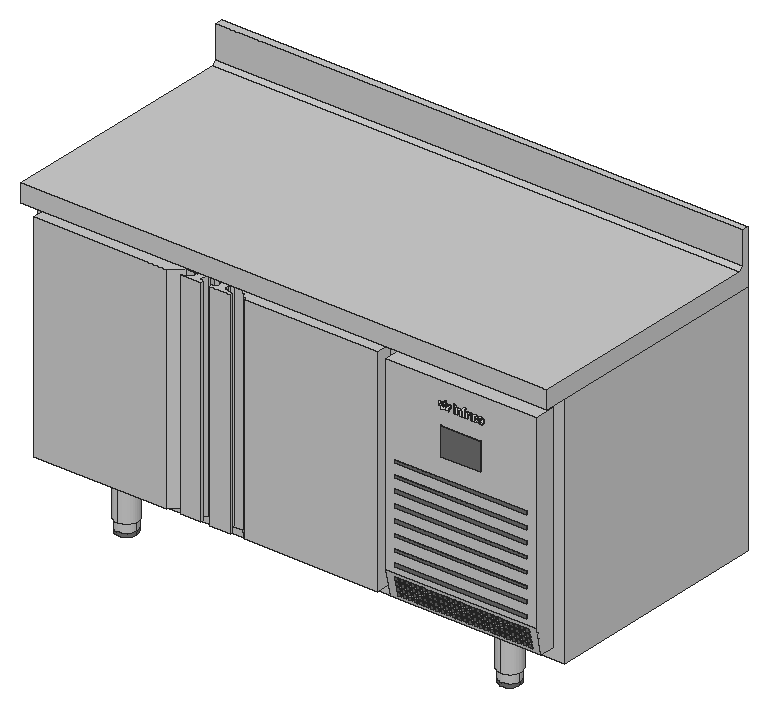
Revit family "QF_INFRICO_BMGN1470BT_250808110153", category Specialty Equipment, Revit 2021
Family settings
  Round Connector Dimension = Use Diameter
  Part Type = Normal
  OmniClass Number = 23.40.40.14
  OmniClass Title = Food Service Equipment
  Work Plane-Based = No
  Always vertical = Yes
  Cut with Voids When Loaded = No
  Shared = No
  Room Calculation Point = No
Parameters (values of type "BMGN1470BT")
  Weight [instance] = 134.00 kg
  Waste Water Discharge Temperature [instance] = 0 °C
  Waste Remarks [instance] = ""
  Warranty Start Date [instance] = ""
  Warranty Duration [instance] = ""
  Volts [instance] = 230 V
  Volt Free Conn [instance] = no
  URL Recommended Spares List [instance] = ""
  URL Manufacturer [instance] = ""
  URL Cutsheet [instance] = ""
  URL Critical Spares List [instance] = ""
  URL = "www.infrico.com"
  Technical Documentation [instance] = ""
  Tag Number [instance] = ""
  Status [instance] = ""
  Start Up Current [instance] = 0 A
  Specification by User [instance] = ""
  Specification by Manufacturer [instance] = ""
  Sound Level [instance] = ""
  Show Logo [instance] = yes
  Show Clearances [instance] = yes
  Service Life Duration [instance] = ""
  Serial Number [instance] = ""
  Seismic Rating [instance] = ""
  SMACNA No [instance] = ""
  Revision Code [instance] = ""
  Revision [instance] = ""
  Production Year [instance] = ""
  Potential Equalisation [instance] = no
  Point Load [instance] = 0
  Plumbing Connection Type [instance] = ""
  Phase [instance] = 1
  Other Equipment Approvals [instance] = ""
  Operational Current [instance] = 0 A
  Number of Poles [instance] = 2
  No Load Power Draw [instance] = no
  NAFEM Spec ID Number [instance] = ""
  Model Warning [instance] = ""
  Model = "BMGN1470BT"
  Min Ckt Ampacity [instance] = 0 A
  Max Overcurrent Protection [instance] = 0 A
  Masterspec [instance] = ""
  Manufacturer = "INFRICO"
  Main switch integrated [instance] = no
  Length Actual [instance] = 1468.12 mm
  Item Number [instance] = ""
  Installed By [instance] = ""
  Installation Date [instance] = ""
  Indirect Waste Size [instance] = 19.05 mm
  Indirect Waste Remarks [instance] = ""
  Indirect Waste Flow [instance] = 0.0 L/s
  Indirect Waste Connection Type [instance] = ""
  Indirect Waste Connection Height [instance] = 0 mm
  Identify Quantity as Lot [instance] = no
  ID [instance] = ""
  Hygiene Approval [instance] = ""
  Height Actual [instance] = 849.884 mm
  HP power [instance] = ""
  Furnished By [instance] = ""
  Foodservice Equipment Identifier [instance] = no
  FL Amps [instance] = 0 A
  Electrical Remarks [instance] = ""
  Electric power [instance] = 460 W
  Electric Connection Type [instance] = ""
  Elec Conn RI Height [instance] = 0 mm
  Elec Conn Connection Height [instance] = 0 mm
  ETL Approved [instance] = no
  Direct Waste Water Discharge Temperature [instance] = -273.15 °C
  Direct Waste Size [instance] = 19.05 mm
  Direct Waste RI Height [instance] = 0 mm
  Direct Waste Flow [instance] = 0.0 L/s
  Direct Waste Connection Height [instance] = 0 mm
  Description = "UNDERCOUNTER FREEZER GN1/1 SERIES 700 - R290"
  Depth Actual [instance] = 700.024 mm
  Default Elevation = 0 mm
  Cycle [instance] = 50 Hz
  Cost = 0
  Connection to energy optimisation system [instance] = yes
  Conn Plug [instance] = ""
  Conn Conduit [instance] = no
  Centralized building control system with digital interface [instance] = ""
  CSI MasterFormat [instance] = ""
  CE Approved [instance] = no
  Barcode [instance] = 0
  Author [instance] = ""
  Asset Identifier [instance] = ""
  Apparent Power [instance] = 460 VA
  Accessory [instance] = no
Reference planes
  plane 1 "Center (Front/Back)": y = 0
  plane 2: z = 0
  plane 3 "Center (Left/Right)": x = 0
Forms (mm)
  Extrusion 1, solid, not visible
    sketch origin (540.026, -112.005, 142.007) x (1, 0, 0) y (0, 1, 0)
      loop
        line (-2, 2) -> (-2, -2) -> (2, -2) -> (2, 2) -> (-2, 2)
    from -2 to 2
  Extrusion 2, solid, not visible
    sketch origin (1406.569, -61.503, 142.007) x (1, 0, 0) y (0, 1, 0)
      loop
        line (-2, 2) -> (-2, -2) -> (2, -2) -> (2, 2) -> (-2, 2)
    from -2 to 2
Dimensions and locks
  locked: nested 2 to Extrusion 1 at 2  (x2)
  locked: nested 3 to Extrusion 2 at 2  (x2)
  aligned and locked: level to plane 2
Nested families
  nested 1: "QF_INFRICO_BMGN1470_2920" at (0, 0, 140), type "BMGN1470BT"
    with Weight 134.00 kg, Warranty Start Date "", Warranty Duration "", URL Cutsheet "", Technical Documentation "", Tag Number "", Status "", Specification by User "", Specification by Manufacturer "", Sound Level "", Solid Fuel Type "", Show Logo yes, Show Clearances yes, Show Clearance yes, Service Life Duration "", Serial Number "", Seismic Rating "", SMACNA No "", Revision Code "", Revision "", Production Year "", Point Load 0, Other Equipment Approvals "", NAFEM Spec ID Number "", Model Warning "", Masterspec "", Length Actual 1468.12 mm, Item Number "", Installed By "", Installation Date "", Identify Quantity as Lot yes, ID "", Hygiene Approval "", Height Actual 849.884 mm, Furnished By "", Foodservice Equipment Identifier yes, ETL Approved yes, Depth Actual 700.024 mm, CSI MasterFormat "", CE Approved no, Barcode "", Author "", Asset Identifier "", Accessory no
  nested 2: "CONN_POINT_DRAIN_2D___Generic_Annotation" at (540.026, -112.005, 140.007), type "CONN_POINT_DRAIN_2D___Generic_Annotation"
    with Onboard connection annotation symbol visibility yes
  nested 3: "CONN_POINT_ELE_2D___Generic_Annotation" at (1406.569, -61.503, 140.007), type "CONN_POINT_ELE_2D___Generic_Annotation"
    with Onboard connection annotation symbol visibility yes
  nested 4: "QF_INFRICO_BMGN_DOOR_SX_4846" at (22, -638, 168), type "BMGN_DOOR_SX"
    with Weight 0.00 kg, Warranty Start Date "", Warranty Duration "", URL Cutsheet "", Technical Documentation "", Tag Number "", Status "", Specification by User "", Specification by Manufacturer "", Sound Level "", Solid Fuel Type "", Show Logo yes, Show Clearances yes, Show Clearance yes, Service Life Duration "", Serial Number "", Seismic Rating "", SMACNA No "", Revision Code "", Revision "", Production Year "", Point Load 0, Other Equipment Approvals "", NAFEM Spec ID Number "", Model Warning "", Masterspec "", Length Actual 467.106 mm, Item Number "", Installed By "", Installation Date "", Identify Quantity as Lot yes, ID "", Hygiene Approval "", Height Actual 596.9 mm, Furnished By "", Foodservice Equipment Identifier yes, ETL Approved yes, Depth Actual 54.102 mm, CSI MasterFormat "", CE Approved no, Barcode "", Author "", Asset Identifier "", Accessory yes
  nested 5: "QF_INFRICO_BMGN_DOOR_DX_5627" at (514, -638, 168), type "BMGN_DOOR_DX"
    with Weight 0.00 kg, Warranty Start Date "", Warranty Duration "", URL Cutsheet "", Technical Documentation "", Tag Number "", Status "", Specification by User "", Specification by Manufacturer "", Sound Level "", Solid Fuel Type "", Show Logo yes, Show Clearances yes, Show Clearance yes, Service Life Duration "", Serial Number "", Seismic Rating "", SMACNA No "", Revision Code "", Revision "", Production Year "", Point Load 0, Other Equipment Approvals "", NAFEM Spec ID Number "", Model Warning "", Masterspec "", Length Actual 467.106 mm, Item Number "", Installed By "", Installation Date "", Identify Quantity as Lot yes, ID "", Hygiene Approval "", Height Actual 596.9 mm, Furnished By "", Foodservice Equipment Identifier yes, ETL Approved yes, Depth Actual 54.102 mm, CSI MasterFormat "", CE Approved no, Barcode "", Author "", Asset Identifier "", Accessory yes
  nested 6: "QF_INFRICO_WORKTOP_BACKSPLASH_6404" at (0, 0, 800), type "ENC12CPGN14"
    with Weight 0.00 kg, Warranty Start Date "", Warranty Duration "", URL Cutsheet "", Technical Documentation "", Tag Number "", Status "", Specification by User "", Specification by Manufacturer "", Sound Level "", Solid Fuel Type "", Show Logo yes, Show Clearances yes, Show Clearance yes, Service Life Duration "", Serial Number "", Seismic Rating "", SMACNA No "", Revision Code "", Revision "", Production Year "", Point Load 0, Other Equipment Approvals "", NAFEM Spec ID Number "", Model Warning "", Masterspec "", Length Actual 1468.12 mm, Item Number "", Installed By "", Installation Date "", Identify Quantity as Lot yes, ID "", Hygiene Approval "", Height Actual 150.114 mm, Furnished By "", Foodservice Equipment Identifier yes, ETL Approved yes, Depth Actual 700.024 mm, CSI MasterFormat "", CE Approved no, Barcode "", Author "", Asset Identifier "", Accessory yes
  nested 7: "QF_INFRICO_LEGS_7240" at (0, 0, 0), type "LEGS_1470_700"
    with Weight 0.00 kg, Warranty Start Date "", Warranty Duration "", URL Cutsheet "", Technical Documentation "", Tag Number "", Status "", Specification by User "", Specification by Manufacturer "", Sound Level "", Solid Fuel Type "", Show Logo yes, Show Clearances yes, Show Clearance yes, Service Life Duration "", Serial Number "", Seismic Rating "", SMACNA No "", Revision Code "", Revision "", Production Year "", Point Load 0, Other Equipment Approvals "", NAFEM Spec ID Number "", Model Warning "", Masterspec "", Length Actual 1468.12 mm, Item Number "", Installed By "", Installation Date "", Identify Quantity as Lot yes, ID "", Hygiene Approval "", Height Actual 139.954 mm, Furnished By "", Foodservice Equipment Identifier yes, ETL Approved yes, Depth Actual 700.024 mm, CSI MasterFormat "", CE Approved no, Barcode "", Author "", Asset Identifier "", Accessory yes
Connectors
  piping at (540.026, -112.005, 140.007), diameter 19.05, driven by "Indirect Waste Size", driven by "Direct Waste Flow"
    settings: on Extrusion 1, index 1, connector inside diameter 609.6 mm, connector length 0 mm, flow factor 0, pipe flow 0.0 L/s, pressure drop 0.0 Pa, fitting loss kfactor 0, connector angle 0.00°, fixture units 0, engagement length 0 mm, angle of deflection 0.00°, flow configuration 1, flow direction 2, fitting loss method 0, system type 16, joint type 0, gender type 0, connector reference index -1, connector utility 0, adjustable connector no, is connector primary yes, connector description "Waste connection for BMGN1470BT"
  electrical at (1406.569, -61.503, 140.007), driven by "Apparent Power", driven by "Number of Poles", driven by "Volts"
    settings: on Extrusion 2, index 2, voltage 230 V, apparent load 0 VA, apparent load phase1 460 VA, apparent load phase2 0 VA, apparent load phase3 0 VA, power factor 1, load classification "Other", number of poles 2, system type 31, power factor state 1, is connector primary yes, connector utility no, sub classification motor no, connector description "Electrical connection for BMGN1470BT"
Definition of nested family "QF_INFRICO_BMGN1470_2920"
  Parameters (values of type "BMGN1470BT")
    Weight [instance] = 0.00 kg
    Warranty Start Date [instance] = ""
    Warranty Duration [instance] = ""
    URL Cutsheet [instance] = ""
    URL = "www.infrico.com"
    Technical Documentation [instance] = ""
    Tag Number [instance] = ""
    Status [instance] = ""
    Specification by User [instance] = ""
    Specification by Manufacturer [instance] = ""
    Sound Level [instance] = ""
    Solid Fuel Type [instance] = ""
    Show Logo [instance] = yes
    Show Clearances [instance] = yes
    Show Clearance [instance] = yes
    Service Life Duration [instance] = ""
    Serial Number [instance] = ""
    Seismic Rating [instance] = ""
    SMACNA No [instance] = ""
    Revision Code [instance] = ""
    Revision [instance] = ""
    Production Year [instance] = ""
    Point Load [instance] = 0
    Other Equipment Approvals [instance] = ""
    NAFEM Spec ID Number [instance] = ""
    Model Warning [instance] = ""
    Model = "BMGN1470BT"
    Masterspec [instance] = ""
    Manufacturer = "INFRICO"
    Length Actual [instance] = 0 mm
    Item Number [instance] = ""
    Installed By [instance] = ""
    Installation Date [instance] = ""
    Identify Quantity as Lot [instance] = yes
    ID [instance] = ""
    Hygiene Approval [instance] = ""
    Height Actual [instance] = 0 mm
    Furnished By [instance] = ""
    Foodservice Equipment Identifier [instance] = yes
    ETL Approved [instance] = yes
    Description = "UNDERCOUNTER FREEZER GN1/1 SERIES 700 - R290"
    Depth Actual [instance] = 0 mm
    Default Elevation = 0 mm
    CSI MasterFormat [instance] = ""
    CE Approved [instance] = yes
    Barcode [instance] = ""
    Author [instance] = ""
    Asset Identifier [instance] = ""
    Assembly Code = "E1090320"
    Accessory [instance] = yes
  Types (7, lengths in mm): name | Model | Description
    BMGN1470II | "BMGN1470II" | "GN1/1 UNDERCOUNTER REFRIGERATOR 700 SERIES - R134A"
    BMGN1470BT | "BMGN1470BT" | "UNDERCOUNTER FREEZER GN1/1 SERIES 700 - R290"
    BMGN1470CR | "BMGN1470CR" | "GN1/1 GLASS DOOR UNDERCOUNTER REFRIGERATOR 700 SERIES - R134A"
    BMGN1470F | "BMGN1470F" | "GN1/1 SINK UNDERCOUNTER REFRIGERATOR 700 SERIES - R134A"
    BMGN1470II-R290 | "BMGN1470II" | "GN1/1 UNDERCOUNTER REFRIGERATOR 700 SERIES - R290"
    BMGN1470CR-R290 | "BMGN1470CR" | "GN1/1 GLASS DOOR UNDERCOUNTER REFRIGERATOR 700 SERIES - R290"
    BMGN1470F-R290 | "BMGN1470F" | "GN1/1 SINK UNDERCOUNTER REFRIGERATOR 700 SERIES - R290"
  Reference planes
    plane 1 "Back": y = 0
    plane 2: z = 0
    plane 3 "Left": x = 0
    plane 4 "Right": x = 1468
    plane 5 "Front": y = -700
    plane 6 "Top": z = 660
  Forms (mm)
    Extrusion 1, solid
      sketch origin (0, 0, -140) x (0, 1, 0) y (0, 0, 1)
        loop
          line (-638.02, 765.292) -> (-695.03, 765.292) -> (-695.03, 238.436) -> (-678.769, 168) -> (-638.02, 168) -> (-638.02, 765.292)
      from 1013.993 to 1433.993
    Extrusion 2, solid
      sketch origin (-2000, -693.13, -140) x (1, 0, 0) y (0, 0, 1)
        loop
          line (3408.016, 523.949) -> (3040.73, 523.949) -> (3040.73, 514.949) -> (3408.016, 514.949) -> (3408.016, 523.949)
        loop
          line (3408.016, 486.949) -> (3040.73, 486.949) -> (3040.73, 477.949) -> (3408.016, 477.949) -> (3408.016, 486.949)
        loop
          line (3408.016, 449.949) -> (3040.73, 449.949) -> (3040.73, 440.949) -> (3408.016, 440.949) -> (3408.016, 449.949)
        loop
          line (3408.016, 412.949) -> (3040.73, 412.949) -> (3040.73, 403.949) -> (3408.016, 403.949) -> (3408.016, 412.949)
        loop
          line (3408.016, 375.949) -> (3040.73, 375.949) -> (3040.73, 366.949) -> (3408.016, 366.949) -> (3408.016, 375.949)
        loop
          line (3408.016, 338.949) -> (3040.73, 338.949) -> (3040.73, 329.949) -> (3408.016, 329.949) -> (3408.016, 338.949)
        loop
          line (3408.016, 301.949) -> (3040.73, 301.949) -> (3040.73, 292.949) -> (3408.016, 292.949) -> (3408.016, 301.949)
        loop
          line (3408.016, 264.949) -> (3040.73, 264.949) -> (3040.73, 255.949) -> (3408.016, 255.949) -> (3408.016, 264.949)
      from 0 to 2
    Extrusion 3, solid
      sketch origin (-2000, -639.263, -134.673) x (1, 0, 0) y (0, -0.224951, 0.97437)
        loop
          line (3036.73, 215.974) -> (3036.73, 205.974) -> (3046.73, 205.974) -> (3046.73, 215.974) -> (3036.73, 215.974)
        loop
          line (3036.73, 230.769) -> (3036.73, 220.769) -> (3046.73, 220.769) -> (3046.73, 230.769) -> (3036.73, 230.769)
        loop
          line (3036.73, 186.385) -> (3036.73, 176.385) -> (3046.73, 176.385) -> (3046.73, 186.385) -> (3036.73, 186.385)
        loop
          line (3036.73, 201.179) -> (3036.73, 191.179) -> (3046.73, 191.179) -> (3046.73, 201.179) -> (3036.73, 201.179)
        loop
          line (3051.938, 215.974) -> (3051.938, 205.974) -> (3061.938, 205.974) -> (3061.938, 215.974) -> (3051.938, 215.974)
        loop
          line (3051.938, 230.769) -> (3051.938, 220.769) -> (3061.938, 220.769) -> (3061.938, 230.769) -> (3051.938, 230.769)
        loop
          line (3051.938, 186.385) -> (3051.938, 176.385) -> (3061.938, 176.385) -> (3061.938, 186.385) -> (3051.938, 186.385)
        loop
          line (3051.938, 201.179) -> (3051.938, 191.179) -> (3061.938, 191.179) -> (3061.938, 201.179) -> (3051.938, 201.179)
        loop
          line (3067.147, 215.974) -> (3067.147, 205.974) -> (3077.147, 205.974) -> (3077.147, 215.974) -> (3067.147, 215.974)
        loop
          line (3067.147, 230.769) -> (3067.147, 220.769) -> (3077.147, 220.769) -> (3077.147, 230.769) -> (3067.147, 230.769)
        loop
          line (3067.147, 186.385) -> (3067.147, 176.385) -> (3077.147, 176.385) -> (3077.147, 186.385) -> (3067.147, 186.385)
        loop
          line (3067.147, 201.179) -> (3067.147, 191.179) -> (3077.147, 191.179) -> (3077.147, 201.179) -> (3067.147, 201.179)
        loop
          line (3082.355, 215.974) -> (3082.355, 205.974) -> (3092.355, 205.974) -> (3092.355, 215.974) -> (3082.355, 215.974)
        loop
          line (3082.355, 230.769) -> (3082.355, 220.769) -> (3092.355, 220.769) -> (3092.355, 230.769) -> (3082.355, 230.769)
        loop
          line (3082.355, 186.385) -> (3082.355, 176.385) -> (3092.355, 176.385) -> (3092.355, 186.385) -> (3082.355, 186.385)
        loop
          line (3082.355, 201.179) -> (3082.355, 191.179) -> (3092.355, 191.179) -> (3092.355, 201.179) -> (3082.355, 201.179)
        loop
          line (3097.563, 215.974) -> (3097.563, 205.974) -> (3107.563, 205.974) -> (3107.563, 215.974) -> (3097.563, 215.974)
        loop
          line (3097.563, 230.769) -> (3097.563, 220.769) -> (3107.563, 220.769) -> (3107.563, 230.769) -> (3097.563, 230.769)
        loop
          line (3097.563, 186.385) -> (3097.563, 176.385) -> (3107.563, 176.385) -> (3107.563, 186.385) -> (3097.563, 186.385)
        loop
          line (3097.563, 201.179) -> (3097.563, 191.179) -> (3107.563, 191.179) -> (3107.563, 201.179) -> (3097.563, 201.179)
        loop
          line (3112.772, 215.974) -> (3112.772, 205.974) -> (3122.772, 205.974) -> (3122.772, 215.974) -> (3112.772, 215.974)
        loop
          line (3112.772, 230.769) -> (3112.772, 220.769) -> (3122.772, 220.769) -> (3122.772, 230.769) -> (3112.772, 230.769)
        loop
          line (3112.772, 186.385) -> (3112.772, 176.385) -> (3122.772, 176.385) -> (3122.772, 186.385) -> (3112.772, 186.385)
        loop
          line (3112.772, 201.179) -> (3112.772, 191.179) -> (3122.772, 191.179) -> (3122.772, 201.179) -> (3112.772, 201.179)
        loop
          line (3127.98, 215.974) -> (3127.98, 205.974) -> (3137.98, 205.974) -> (3137.98, 215.974) -> (3127.98, 215.974)
        loop
          line (3127.98, 230.769) -> (3127.98, 220.769) -> (3137.98, 220.769) -> (3137.98, 230.769) -> (3127.98, 230.769)
        loop
          line (3127.98, 186.385) -> (3127.98, 176.385) -> (3137.98, 176.385) -> (3137.98, 186.385) -> (3127.98, 186.385)
        loop
          line (3127.98, 201.179) -> (3127.98, 191.179) -> (3137.98, 191.179) -> (3137.98, 201.179) -> (3127.98, 201.179)
        loop
          line (3143.188, 215.974) -> (3143.188, 205.974) -> (3153.188, 205.974) -> (3153.188, 215.974) -> (3143.188, 215.974)
        loop
          line (3143.188, 230.769) -> (3143.188, 220.769) -> (3153.188, 220.769) -> (3153.188, 230.769) -> (3143.188, 230.769)
        loop
          line (3143.188, 186.385) -> (3143.188, 176.385) -> (3153.188, 176.385) -> (3153.188, 186.385) -> (3143.188, 186.385)
        loop
          line (3143.188, 201.179) -> (3143.188, 191.179) -> (3153.188, 191.179) -> (3153.188, 201.179) -> (3143.188, 201.179)
        loop
          line (3158.397, 215.974) -> (3158.397, 205.974) -> (3168.397, 205.974) -> (3168.397, 215.974) -> (3158.397, 215.974)
        loop
          line (3158.397, 230.769) -> (3158.397, 220.769) -> (3168.397, 220.769) -> (3168.397, 230.769) -> (3158.397, 230.769)
        loop
          line (3158.397, 186.385) -> (3158.397, 176.385) -> (3168.397, 176.385) -> (3168.397, 186.385) -> (3158.397, 186.385)
        loop
          line (3158.397, 201.179) -> (3158.397, 191.179) -> (3168.397, 191.179) -> (3168.397, 201.179) -> (3158.397, 201.179)
        loop
          line (3173.605, 215.974) -> (3173.605, 205.974) -> (3183.605, 205.974) -> (3183.605, 215.974) -> (3173.605, 215.974)
        loop
          line (3173.605, 230.769) -> (3173.605, 220.769) -> (3183.605, 220.769) -> (3183.605, 230.769) -> (3173.605, 230.769)
        loop
          line (3173.605, 186.385) -> (3173.605, 176.385) -> (3183.605, 176.385) -> (3183.605, 186.385) -> (3173.605, 186.385)
        loop
          line (3173.605, 201.179) -> (3173.605, 191.179) -> (3183.605, 191.179) -> (3183.605, 201.179) -> (3173.605, 201.179)
        loop
          line (3188.813, 215.974) -> (3188.813, 205.974) -> (3198.813, 205.974) -> (3198.813, 215.974) -> (3188.813, 215.974)
        loop
          line (3188.813, 230.769) -> (3188.813, 220.769) -> (3198.813, 220.769) -> (3198.813, 230.769) -> (3188.813, 230.769)
        loop
          line (3188.813, 186.385) -> (3188.813, 176.385) -> (3198.813, 176.385) -> (3198.813, 186.385) -> (3188.813, 186.385)
        loop
          line (3188.813, 201.179) -> (3188.813, 191.179) -> (3198.813, 191.179) -> (3198.813, 201.179) -> (3188.813, 201.179)
        loop
          line (3204.022, 215.974) -> (3204.022, 205.974) -> (3214.022, 205.974) -> (3214.022, 215.974) -> (3204.022, 215.974)
        loop
          line (3204.022, 230.769) -> (3204.022, 220.769) -> (3214.022, 220.769) -> (3214.022, 230.769) -> (3204.022, 230.769)
        loop
          line (3204.022, 186.385) -> (3204.022, 176.385) -> (3214.022, 176.385) -> (3214.022, 186.385) -> (3204.022, 186.385)
        loop
          line (3204.022, 201.179) -> (3204.022, 191.179) -> (3214.022, 191.179) -> (3214.022, 201.179) -> (3204.022, 201.179)
        loop
          line (3219.23, 215.974) -> (3219.23, 205.974) -> (3229.23, 205.974) -> (3229.23, 215.974) -> (3219.23, 215.974)
        loop
          line (3219.23, 230.769) -> (3219.23, 220.769) -> (3229.23, 220.769) -> (3229.23, 230.769) -> (3219.23, 230.769)
        loop
          line (3219.23, 186.385) -> (3219.23, 176.385) -> (3229.23, 176.385) -> (3229.23, 186.385) -> (3219.23, 186.385)
        loop
          line (3219.23, 201.179) -> (3219.23, 191.179) -> (3229.23, 191.179) -> (3229.23, 201.179) -> (3219.23, 201.179)
        loop
          line (3234.438, 215.974) -> (3234.438, 205.974) -> (3244.438, 205.974) -> (3244.438, 215.974) -> (3234.438, 215.974)
        loop
          line (3234.438, 230.769) -> (3234.438, 220.769) -> (3244.438, 220.769) -> (3244.438, 230.769) -> (3234.438, 230.769)
        loop
          line (3234.438, 186.385) -> (3234.438, 176.385) -> (3244.438, 176.385) -> (3244.438, 186.385) -> (3234.438, 186.385)
        loop
          line (3234.438, 201.179) -> (3234.438, 191.179) -> (3244.438, 191.179) -> (3244.438, 201.179) -> (3234.438, 201.179)
        loop
          line (3249.647, 215.974) -> (3249.647, 205.974) -> (3259.647, 205.974) -> (3259.647, 215.974) -> (3249.647, 215.974)
        loop
          line (3249.647, 230.769) -> (3249.647, 220.769) -> (3259.647, 220.769) -> (3259.647, 230.769) -> (3249.647, 230.769)
        loop
          line (3249.647, 186.385) -> (3249.647, 176.385) -> (3259.647, 176.385) -> (3259.647, 186.385) -> (3249.647, 186.385)
        loop
          line (3249.647, 201.179) -> (3249.647, 191.179) -> (3259.647, 191.179) -> (3259.647, 201.179) -> (3249.647, 201.179)
        loop
          line (3264.855, 215.974) -> (3264.855, 205.974) -> (3274.855, 205.974) -> (3274.855, 215.974) -> (3264.855, 215.974)
        loop
          line (3264.855, 230.769) -> (3264.855, 220.769) -> (3274.855, 220.769) -> (3274.855, 230.769) -> (3264.855, 230.769)
        loop
          line (3264.855, 186.385) -> (3264.855, 176.385) -> (3274.855, 176.385) -> (3274.855, 186.385) -> (3264.855, 186.385)
        loop
          line (3264.855, 201.179) -> (3264.855, 191.179) -> (3274.855, 191.179) -> (3274.855, 201.179) -> (3264.855, 201.179)
        loop
          line (3280.063, 215.974) -> (3280.063, 205.974) -> (3290.063, 205.974) -> (3290.063, 215.974) -> (3280.063, 215.974)
        loop
          line (3280.063, 230.769) -> (3280.063, 220.769) -> (3290.063, 220.769) -> (3290.063, 230.769) -> (3280.063, 230.769)
        loop
          line (3280.063, 186.385) -> (3280.063, 176.385) -> (3290.063, 176.385) -> (3290.063, 186.385) -> (3280.063, 186.385)
        loop
          line (3280.063, 201.179) -> (3280.063, 191.179) -> (3290.063, 191.179) -> (3290.063, 201.179) -> (3280.063, 201.179)
        loop
          line (3295.272, 215.974) -> (3295.272, 205.974) -> (3305.272, 205.974) -> (3305.272, 215.974) -> (3295.272, 215.974)
        loop
          line (3295.272, 230.769) -> (3295.272, 220.769) -> (3305.272, 220.769) -> (3305.272, 230.769) -> (3295.272, 230.769)
        loop
          line (3295.272, 186.385) -> (3295.272, 176.385) -> (3305.272, 176.385) -> (3305.272, 186.385) -> (3295.272, 186.385)
        loop
          line (3295.272, 201.179) -> (3295.272, 191.179) -> (3305.272, 191.179) -> (3305.272, 201.179) -> (3295.272, 201.179)
        loop
          line (3310.48, 215.974) -> (3310.48, 205.974) -> (3320.48, 205.974) -> (3320.48, 215.974) -> (3310.48, 215.974)
        loop
          line (3310.48, 230.769) -> (3310.48, 220.769) -> (3320.48, 220.769) -> (3320.48, 230.769) -> (3310.48, 230.769)
        loop
          line (3310.48, 186.385) -> (3310.48, 176.385) -> (3320.48, 176.385) -> (3320.48, 186.385) -> (3310.48, 186.385)
        loop
          line (3310.48, 201.179) -> (3310.48, 191.179) -> (3320.48, 191.179) -> (3320.48, 201.179) -> (3310.48, 201.179)
        loop
          line (3325.688, 215.974) -> (3325.688, 205.974) -> (3335.688, 205.974) -> (3335.688, 215.974) -> (3325.688, 215.974)
        loop
          line (3325.688, 230.769) -> (3325.688, 220.769) -> (3335.688, 220.769) -> (3335.688, 230.769) -> (3325.688, 230.769)
        loop
          line (3325.688, 186.385) -> (3325.688, 176.385) -> (3335.688, 176.385) -> (3335.688, 186.385) -> (3325.688, 186.385)
        loop
          line (3325.688, 201.179) -> (3325.688, 191.179) -> (3335.688, 191.179) -> (3335.688, 201.179) -> (3325.688, 201.179)
        loop
          line (3340.897, 215.974) -> (3340.897, 205.974) -> (3350.897, 205.974) -> (3350.897, 215.974) -> (3340.897, 215.974)
        loop
          line (3340.897, 230.769) -> (3340.897, 220.769) -> (3350.897, 220.769) -> (3350.897, 230.769) -> (3340.897, 230.769)
        loop
          line (3340.897, 186.385) -> (3340.897, 176.385) -> (3350.897, 176.385) -> (3350.897, 186.385) -> (3340.897, 186.385)
        loop
          line (3340.897, 201.179) -> (3340.897, 191.179) -> (3350.897, 191.179) -> (3350.897, 201.179) -> (3340.897, 201.179)
        loop
          line (3356.105, 215.974) -> (3356.105, 205.974) -> (3366.105, 205.974) -> (3366.105, 215.974) -> (3356.105, 215.974)
        loop
          line (3356.105, 230.769) -> (3356.105, 220.769) -> (3366.105, 220.769) -> (3366.105, 230.769) -> (3356.105, 230.769)
        loop
          line (3356.105, 186.385) -> (3356.105, 176.385) -> (3366.105, 176.385) -> (3366.105, 186.385) -> (3356.105, 186.385)
        loop
          line (3356.105, 201.179) -> (3356.105, 191.179) -> (3366.105, 191.179) -> (3366.105, 201.179) -> (3356.105, 201.179)
        loop
          line (3371.313, 215.974) -> (3371.313, 205.974) -> (3381.313, 205.974) -> (3381.313, 215.974) -> (3371.313, 215.974)
        loop
          line (3371.313, 230.769) -> (3371.313, 220.769) -> (3381.313, 220.769) -> (3381.313, 230.769) -> (3371.313, 230.769)
        loop
          line (3371.313, 186.385) -> (3371.313, 176.385) -> (3381.313, 176.385) -> (3381.313, 186.385) -> (3371.313, 186.385)
        loop
          line (3371.313, 201.179) -> (3371.313, 191.179) -> (3381.313, 191.179) -> (3381.313, 201.179) -> (3371.313, 201.179)
        loop
          line (3386.522, 215.974) -> (3386.522, 205.974) -> (3396.522, 205.974) -> (3396.522, 215.974) -> (3386.522, 215.974)
        loop
          line (3386.522, 230.769) -> (3386.522, 220.769) -> (3396.522, 220.769) -> (3396.522, 230.769) -> (3386.522, 230.769)
        loop
          line (3386.522, 186.385) -> (3386.522, 176.385) -> (3396.522, 176.385) -> (3396.522, 186.385) -> (3386.522, 186.385)
        loop
          line (3386.522, 201.179) -> (3386.522, 191.179) -> (3396.522, 191.179) -> (3396.522, 201.179) -> (3386.522, 201.179)
        loop
          line (3401.73, 215.974) -> (3401.73, 205.974) -> (3411.73, 205.974) -> (3411.73, 215.974) -> (3401.73, 215.974)
        loop
          line (3401.73, 230.769) -> (3401.73, 220.769) -> (3411.73, 220.769) -> (3411.73, 230.769) -> (3401.73, 230.769)
        loop
          line (3401.73, 186.385) -> (3401.73, 176.385) -> (3411.73, 176.385) -> (3411.73, 186.385) -> (3401.73, 186.385)
        loop
          line (3401.73, 201.179) -> (3401.73, 191.179) -> (3411.73, 191.179) -> (3411.73, 201.179) -> (3401.73, 201.179)
      from 0 to 2
    Extrusion 4, solid, visible <- "Show Logo"
      sketch origin (-0.986, -693.13, -140) x (1, 0, 0) y (0, 0, 1)
        loop
          line (1208.799, 696.53) -> (1208.799, 719.204) -> (1204.173, 719.204) -> (1204.173, 696.53) -> (1208.799, 696.53)
        loop
          line (1214.779, 713.006) -> (1211.283, 713.006) -> (1211.283, 696.53) -> (1215.772, 696.53) -> (1215.772, 707.832)
          arc (1215.772, 707.832) -> (1217.528, 708.741) -> (1219.417, 709.324) r 11.052
          arc (1219.417, 709.324) -> (1220.929, 708.961) -> (1221.598, 707.557) r 1.806
          line (1221.598, 707.557) -> (1221.598, 696.53) -> (1226.121, 696.53) -> (1226.121, 708.689)
          arc (1226.121, 708.689) -> (1224.637, 712.075) -> (1221.141, 713.281) r 4.607
          arc (1221.141, 713.281) -> (1218.282, 712.674) -> (1215.669, 711.361) r 11.435
          line (1215.669, 711.361) -> (1215.601, 712.184)
          arc (1215.601, 712.184) -> (1215.36, 712.765) -> (1214.779, 713.006) r 0.822
        loop
          line (1238.557, 720.102) -> (1237.306, 720.102)
          arc (1237.306, 720.102) -> (1235.052, 719.926) -> (1232.881, 719.297) r 11.103
          arc (1232.881, 719.297) -> (1230.805, 717.616) -> (1230.024, 715.062) r 4.567
          line (1230.024, 715.062) -> (1230.024, 712.909) -> (1227.351, 712.703) -> (1227.351, 709.374) -> (1230.024, 709.374) -> (1230.024, 696.53) -> (1234.547, 696.53) -> (1234.547, 709.374) -> (1238.249, 709.374) -> (1238.249, 712.938) -> (1234.547, 712.938) -> (1234.547, 714.548)
          arc (1234.547, 714.548) -> (1234.956, 715.705) -> (1236.045, 716.271) r 1.67
          line (1236.045, 716.271) -> (1237.7, 716.399)
          arc (1237.7, 716.399) -> (1238.306, 716.65) -> (1238.557, 717.255) r 0.857
          line (1238.557, 717.255) -> (1238.557, 720.102)
        loop
          line (1239.479, 713.006) -> (1239.479, 696.53) -> (1243.968, 696.53) -> (1243.968, 707.352)
          arc (1243.968, 707.352) -> (1245.873, 708.631) -> (1248.077, 709.268) r 7.435
          line (1248.077, 709.268) -> (1249.241, 709.416)
          arc (1249.241, 709.416) -> (1249.643, 709.758) -> (1249.793, 710.265) r 0.928
          line (1249.793, 710.265) -> (1249.793, 712.458)
          arc (1249.793, 712.458) -> (1249.531, 713.061) -> (1248.912, 713.28) r 0.824
          arc (1248.912, 713.28) -> (1246.197, 712.588) -> (1243.899, 710.984) r 7.833
          line (1243.899, 710.984) -> (1243.726, 713.006) -> (1239.479, 713.006)
        loop
          line (1255.495, 696.53) -> (1255.495, 713.006) -> (1251.006, 713.006) -> (1251.006, 696.53) -> (1255.495, 696.53)
        loop
          arc (1257.421, 701.327) -> (1258.567, 698.188) -> (1261.466, 696.525) r 4.873
          arc (1261.466, 696.525) -> (1264.493, 696.266) -> (1267.521, 696.525) r 17.816
          arc (1267.521, 696.525) -> (1270.575, 699.134) -> (1271.505, 703.041) r 6.481
          line (1271.505, 703.041) -> (1267.187, 703.041) -> (1267.187, 701.67)
          arc (1267.187, 701.67) -> (1266.64, 700.452) -> (1265.442, 699.865) r 1.965
          arc (1265.442, 699.865) -> (1264.547, 699.816) -> (1263.653, 699.865) r 8.196
          arc (1263.653, 699.865) -> (1262.417, 700.415) -> (1261.91, 701.67) r 1.806
          line (1261.91, 701.67) -> (1261.91, 707.9)
          arc (1261.91, 707.9) -> (1262.417, 709.155) -> (1263.653, 709.705) r 1.806
          arc (1263.653, 709.705) -> (1264.547, 709.754) -> (1265.442, 709.705) r 8.196
          arc (1265.442, 709.705) -> (1266.64, 709.118) -> (1267.187, 707.9) r 1.965
          line (1267.187, 707.9) -> (1267.187, 706.838) -> (1271.505, 706.838)
          arc (1271.505, 706.838) -> (1270.524, 710.556) -> (1267.521, 712.959) r 6.132
          arc (1267.521, 712.959) -> (1264.493, 713.294) -> (1261.466, 712.959) r 13.851
          arc (1261.466, 712.959) -> (1258.571, 711.349) -> (1257.421, 708.243) r 4.772
          line (1257.421, 708.243) -> (1257.421, 701.327)
        loop
          arc (1272.916, 701.329) -> (1273.993, 698.345) -> (1276.726, 696.734) r 4.676
          arc (1276.726, 696.734) -> (1278.515, 696.455) -> (1280.318, 696.291) r 28.371
          arc (1280.318, 696.291) -> (1282.122, 696.455) -> (1283.911, 696.734) r 28.371
          arc (1283.911, 696.734) -> (1286.644, 698.345) -> (1287.72, 701.329) r 4.676
          line (1287.72, 701.329) -> (1287.72, 708.242)
          arc (1287.72, 708.242) -> (1286.644, 711.226) -> (1283.911, 712.837) r 4.676
          arc (1283.911, 712.837) -> (1282.122, 713.116) -> (1280.318, 713.28) r 28.371
          arc (1280.318, 713.28) -> (1278.515, 713.116) -> (1276.726, 712.837) r 28.371
          arc (1276.726, 712.837) -> (1273.993, 711.226) -> (1272.916, 708.242) r 4.676
          line (1272.916, 708.242) -> (1272.916, 701.329)
        loop
          line (1277.405, 707.866) -> (1277.405, 701.705)
          arc (1277.405, 701.705) -> (1277.844, 700.556) -> (1278.936, 699.991) r 1.725
          arc (1278.936, 699.991) -> (1279.627, 699.918) -> (1280.318, 699.856) r 46.133
          arc (1280.318, 699.856) -> (1281.01, 699.918) -> (1281.701, 699.991) r 46.133
          arc (1281.701, 699.991) -> (1282.793, 700.556) -> (1283.231, 701.705) r 1.725
          line (1283.231, 701.705) -> (1283.231, 707.866)
          arc (1283.231, 707.866) -> (1282.793, 709.015) -> (1281.701, 709.58) r 1.725
          arc (1281.701, 709.58) -> (1281.01, 709.653) -> (1280.318, 709.716) r 46.133
          arc (1280.318, 709.716) -> (1279.627, 709.653) -> (1278.936, 709.58) r 46.133
          arc (1278.936, 709.58) -> (1277.844, 709.015) -> (1277.405, 707.866) r 1.725
        loop
          arc (1190.339, 696.543) -> (1191.411, 696.987) -> (1191.856, 698.059) r 1.516
          line (1191.856, 698.059) -> (1191.856, 703.891) -> (1196.035, 703.891)
          arc (1196.035, 703.891) -> (1196.79, 704.121) -> (1197.218, 704.782) r 1.147
          line (1197.218, 704.782) -> (1197.218, 706.211)
          arc (1197.218, 706.211) -> (1196.787, 707.258) -> (1195.719, 707.634) r 1.385
          line (1195.719, 707.634) -> (1194.52, 707.634) -> (1197.218, 710.332)
          arc (1197.218, 710.332) -> (1197.605, 711.266) -> (1197.218, 712.2) r 1.321
          line (1197.218, 712.2) -> (1196.495, 712.923)
          arc (1196.495, 712.923) -> (1195.54, 713.338) -> (1194.558, 712.991) r 1.422
          line (1194.558, 712.991) -> (1191.853, 710.286) -> (1191.853, 711.479)
          arc (1191.853, 711.479) -> (1191.443, 712.516) -> (1190.435, 712.992) r 1.516
          line (1190.435, 712.992) -> (1189.514, 712.992)
          arc (1189.514, 712.992) -> (1188.511, 712.514) -> (1188.103, 711.479) r 1.516
          line (1188.103, 711.479) -> (1188.103, 706.83) -> (1182.073, 701.336) -> (1182.073, 707.509) -> (1185.639, 711.075)
          arc (1185.639, 711.075) -> (1186.053, 712.073) -> (1185.639, 713.071) r 1.412
          line (1185.639, 713.071) -> (1184.987, 713.723)
          arc (1184.987, 713.723) -> (1183.939, 714.141) -> (1182.915, 713.667) r 1.428
          line (1182.915, 713.667) -> (1182.073, 712.825) -> (1182.073, 717.784)
          arc (1182.073, 717.784) -> (1181.658, 718.787) -> (1180.655, 719.203) r 1.418
          line (1180.655, 719.203) -> (1179.726, 719.203)
          arc (1179.726, 719.203) -> (1178.723, 718.787) -> (1178.308, 717.784) r 1.418
          line (1178.308, 717.784) -> (1178.308, 712.825) -> (1177.466, 713.667)
          arc (1177.466, 713.667) -> (1176.442, 714.141) -> (1175.394, 713.723) r 1.428
          line (1175.394, 713.723) -> (1174.742, 713.071)
          arc (1174.742, 713.071) -> (1174.328, 712.073) -> (1174.742, 711.075) r 1.412
          line (1174.742, 711.075) -> (1178.308, 707.509) -> (1178.308, 701.336) -> (1172.278, 706.83) -> (1172.278, 711.479)
          arc (1172.278, 711.479) -> (1171.87, 712.514) -> (1170.867, 712.992) r 1.516
          line (1170.867, 712.992) -> (1169.946, 712.992)
          arc (1169.946, 712.992) -> (1168.938, 712.516) -> (1168.528, 711.479) r 1.516
          line (1168.528, 711.479) -> (1168.528, 710.286) -> (1165.823, 712.991)
          arc (1165.823, 712.991) -> (1164.841, 713.338) -> (1163.886, 712.923) r 1.422
          line (1163.886, 712.923) -> (1163.163, 712.2)
          arc (1163.163, 712.2) -> (1162.776, 711.266) -> (1163.163, 710.332) r 1.321
          line (1163.163, 710.332) -> (1165.861, 707.634) -> (1164.662, 707.634)
          arc (1164.662, 707.634) -> (1163.594, 707.258) -> (1163.163, 706.211) r 1.385
          line (1163.163, 706.211) -> (1163.163, 704.782)
          arc (1163.163, 704.782) -> (1163.591, 704.121) -> (1164.346, 703.891) r 1.147
          line (1164.346, 703.891) -> (1168.525, 703.891) -> (1168.525, 698.059)
          arc (1168.525, 698.059) -> (1168.969, 696.987) -> (1170.042, 696.543) r 1.516
          line (1170.042, 696.543) -> (1190.339, 696.543)
      from 0 to 2
    Extrusion 5, solid
      sketch origin (-0.986, 0, -140) x (1, 0, 0) y (0, 0, 1)
        loop
          line (1169.616, 654.3) -> (1169.616, 577.9) -> (1281.216, 577.9) -> (1281.216, 654.3) -> (1169.616, 654.3)
      from 695.03 to 698.23
    Extrusion 6, solid
      sketch origin (866.5, 58.5, 0) x (1, 0, 0) y (0, 1, 0)
        loop
          circle (540, -120) r 12.7
      from -5 to 0
    Extrusion 7, solid
      sketch origin (0, 0, 0) x (1, 0, 0) y (0, 1, 0)
        loop
          circle (540, -112) r 9.525
      from -5 to 0
    Extrusion 8, solid
      sketch origin (0, 0, 0) x (1, 0, 0) y (0, 1, 0)
        loop
          line (0, -638.02) -> (1468, -638.02) -> (1468, 0) -> (0, 0) -> (0, -638.02)
        loop
          line (60, -60) -> (60, -578.02) -> (1408, -578.02) -> (1408, -60) -> (60, -60)
      from 0 to 660
    Extrusion 9, solid
      sketch origin (0, 0, 0) x (1, 0, 0) y (0, 0, 1)
        loop
          line (60, 0) -> (1408, 0) -> (1408, 60) -> (60, 60) -> (60, 0)
      from 60 to 578.02
    Extrusion 10, void
      sketch origin (0, 0, 0) x (1, 0, 0) y (0, 0, 1)
        loop
          line (60, 600) -> (60, 60) -> (920, 60) -> (920, 600) -> (60, 600)
      from 60 to 638.02
    Extrusion 11, solid
      sketch origin (0, 0, 0) x (1, 0, 0) y (0, 1, 0)
        loop
          line (454, -638.02) -> (549, -638.02) -> (549, -628.02) -> (454, -628.02) -> (454, -638.02)
      from 60 to 600
  Cuts and joins
    Extrusion 10 cuts Extrusion 8
    Extrusion 10 cuts Extrusion 9
    joined: Extrusion 8, Extrusion 9
  Lines and regions (mm)
    symbolic lines, visible <- "Show Clearance"
      curve 1: line (1468, 0, 0) -> (0, 0, 0)
      curve 2: line (0, 0, 0) -> (0, -700, 0)
      curve 3: line (0, -700, 0) -> (1468, -700, 0)
      curve 4: line (1468, -700, 0) -> (1468, 0, 0)
  Dimensions and locks
    plane 4 "Right" to plane 3 "Left" = 1468 mm
    plane 6 "Top" to level = 660 mm
    plane 1 "Back" to plane 5 "Front" = 700 mm  (x2)
    plane 3 "Left" to plane 4 "Right" = 1468 mm
    aligned and locked: level to plane 2
  Connectors
    electrical at (1406.5, -61.5, -5)
      settings: on Extrusion 6, index 1, voltage 0 V, apparent load 0 VA, apparent load phase1 0 VA, apparent load phase2 0 VA, apparent load phase3 0 VA, power factor 1, load classification none, number of poles 1, system type 31, power factor state 1, is connector primary yes, connector utility no, sub classification motor no, connector description "Electrical collection"
    piping at (540, -112, -5), diameter 19.1
      settings: on Extrusion 7, index 2, connector inside diameter 609.6 mm, connector length 0 mm, flow factor 0, pipe flow 0.0 L/s, pressure drop 0.0 Pa, fitting loss kfactor 0, connector angle 0.00°, fixture units 0, engagement length 0 mm, angle of deflection 0.00°, flow configuration 1, flow direction 2, fitting loss method 0, system type 16, joint type 0, gender type 0, connector reference index -1, connector utility 0, adjustable connector no, is connector primary yes, connector description "Drain connection"
Definition of nested family "QF_INFRICO_BMGN_DOOR_SX_4846"
  Parameters (values of type "BMGN_DOOR_SX")
    Weight [instance] = 0.00 kg
    Warranty Start Date [instance] = ""
    Warranty Duration [instance] = ""
    URL Cutsheet [instance] = ""
    URL = "www.infrico.com"
    Technical Documentation [instance] = ""
    Tag Number [instance] = ""
    Status [instance] = ""
    Specification by User [instance] = ""
    Specification by Manufacturer [instance] = ""
    Sound Level [instance] = ""
    Solid Fuel Type [instance] = ""
    Show Logo [instance] = yes
    Show Clearances [instance] = yes
    Show Clearance [instance] = yes
    Service Life Duration [instance] = ""
    Serial Number [instance] = ""
    Seismic Rating [instance] = ""
    SMACNA No [instance] = ""
    Revision Code [instance] = ""
    Revision [instance] = ""
    Production Year [instance] = ""
    Point Load [instance] = 0
    Other Equipment Approvals [instance] = ""
    NAFEM Spec ID Number [instance] = ""
    Model Warning [instance] = ""
    Model = "BMGN_DOOR_SX"
    Masterspec [instance] = ""
    Manufacturer = "INFRICO"
    Length Actual [instance] = 0 mm
    Item Number [instance] = ""
    Installed By [instance] = ""
    Installation Date [instance] = ""
    Identify Quantity as Lot [instance] = yes
    ID [instance] = ""
    Hygiene Approval [instance] = ""
    Height Actual [instance] = 0 mm
    Furnished By [instance] = ""
    Foodservice Equipment Identifier [instance] = yes
    ETL Approved [instance] = yes
    Description = "LEFT DOOR"
    Depth Actual [instance] = 0 mm
    Default Elevation = 0 mm
    CSI MasterFormat [instance] = ""
    CE Approved [instance] = yes
    Barcode [instance] = ""
    Author [instance] = ""
    Asset Identifier [instance] = ""
    Assembly Code = "E1090320"
    Accessory [instance] = yes
  Reference planes
    plane 1 "Back": y = 0
    plane 2: z = 0
    plane 3 "Left": x = 0
    plane 4 "Right": x = 467
    plane 5 "Front": y = -44
    plane 6 "Top": z = 597
  Forms (mm)
    Extrusion 1, solid
      sketch origin (2981.326, 654.02, -168.61) x (-1, 0, 0) y (0, -1, 0)
        loop
          line (2610.426, 698.02) -> (2580.356, 667.95) -> (2557.604, 667.95) -> (2546.663, 670.881)
          arc (2546.663, 670.881) -> (2545.582, 671.631) -> (2545.222, 672.896) r 1.95
          line (2545.222, 672.896) -> (2545.566, 682.741)
          arc (2545.566, 682.741) -> (2545.774, 683.563) -> (2546.304, 684.224) r 2.001
          line (2546.304, 684.224) -> (2571.566, 694.947) -> (2571.566, 698.02) -> (2514.326, 698.02) -> (2514.326, 690.261) -> (2526.525, 683.218) -> (2521.592, 664.81) -> (2514.326, 664.81) -> (2514.326, 654.02) -> (2981.326, 654.02) -> (2981.326, 698.02) -> (2610.426, 698.02)
      from 168.61 to 765.61
    Extrusion 2, solid, visible <- "Show Clearance", detail levels coarse
      sketch origin (0, 0, 0) x (1, 0, 0) y (0, 1, 0)
        loop
          line (0, -44) -> (0, -467) -> (44, -467)
          arc (44, -467) -> (343.106, -343.106) -> (467, -44) r 423
          line (467, -44) -> (0, -44)
      from 0 to 597
  Lines and regions (mm)
    symbolic lines
      curve 1: arc (466.617, -62, 0) -> (336.673, -349.404, 0) -> (44, -467, 0) r 423
      curve 2: line (0, -467, 0) -> (0, -62, 0)
      curve 3: line (44, -467, 0) -> (0, -467, 0)
  Dimensions and locks
    plane 4 "Right" to plane 3 "Left" = 467 mm
    plane 6 "Top" to level = 597 mm  (x2)
    plane 1 "Back" to plane 5 "Front" = 44 mm  (x2)
    plane 3 "Left" to plane 4 "Right" = 467 mm
    aligned and locked: level to plane 2
Definition of nested family "QF_INFRICO_BMGN_DOOR_DX_5627"
  Parameters (values of type "BMGN_DOOR_DX")
    Weight [instance] = 0.00 kg
    Warranty Start Date [instance] = ""
    Warranty Duration [instance] = ""
    URL Cutsheet [instance] = ""
    URL = "www.infrico.com"
    Technical Documentation [instance] = ""
    Tag Number [instance] = ""
    Status [instance] = ""
    Specification by User [instance] = ""
    Specification by Manufacturer [instance] = ""
    Sound Level [instance] = ""
    Solid Fuel Type [instance] = ""
    Show Logo [instance] = yes
    Show Clearances [instance] = yes
    Show Clearance [instance] = yes
    Service Life Duration [instance] = ""
    Serial Number [instance] = ""
    Seismic Rating [instance] = ""
    SMACNA No [instance] = ""
    Revision Code [instance] = ""
    Revision [instance] = ""
    Production Year [instance] = ""
    Point Load [instance] = 0
    Other Equipment Approvals [instance] = ""
    NAFEM Spec ID Number [instance] = ""
    Model Warning [instance] = ""
    Model = "BMGN_DOOR_DX"
    Masterspec [instance] = ""
    Manufacturer = "INFRICO"
    Length Actual [instance] = 0 mm
    Item Number [instance] = ""
    Installed By [instance] = ""
    Installation Date [instance] = ""
    Identify Quantity as Lot [instance] = yes
    ID [instance] = ""
    Hygiene Approval [instance] = ""
    Height Actual [instance] = 0 mm
    Furnished By [instance] = ""
    Foodservice Equipment Identifier [instance] = yes
    ETL Approved [instance] = yes
    Description = "RIGHT DOOR"
    Depth Actual [instance] = 0 mm
    Default Elevation = 0 mm
    CSI MasterFormat [instance] = ""
    CE Approved [instance] = yes
    Barcode [instance] = ""
    Author [instance] = ""
    Asset Identifier [instance] = ""
    Assembly Code = "E1090320"
    Accessory [instance] = yes
  Reference planes
    plane 1 "Back": y = 0
    plane 2: z = 0
    plane 3 "Left": x = 0
    plane 4 "Right": x = 467
    plane 5 "Front": y = -44
    plane 6 "Top": z = 597
  Forms (mm)
    Extrusion 1, solid
      sketch origin (-2514.326, 654.02, -168.61) x (1, 0, 0) y (0, 1, 0)
        loop
          line (2610.426, -698.02) -> (2981.326, -698.02) -> (2981.326, -654.02) -> (2514.326, -654.02) -> (2514.326, -664.81) -> (2521.592, -664.81) -> (2526.525, -683.218) -> (2514.326, -690.261) -> (2514.326, -698.02) -> (2571.566, -698.02) -> (2571.566, -694.947) -> (2546.304, -684.224)
          arc (2546.304, -684.224) -> (2545.774, -683.563) -> (2545.566, -682.741) r 2.001
          line (2545.566, -682.741) -> (2545.222, -672.896)
          arc (2545.222, -672.896) -> (2545.582, -671.631) -> (2546.663, -670.881) r 1.95
          line (2546.663, -670.881) -> (2557.604, -667.95) -> (2580.356, -667.95) -> (2610.426, -698.02)
      from 168.61 to 765.61
    Extrusion 2, solid, visible <- "Show Clearance", detail levels coarse
      sketch origin (467, 0, 0) x (-1, 0, 0) y (0, -1, 0)
        loop
          line (0, 44) -> (467, 44)
          arc (467, 44) -> (343.106, 343.106) -> (44, 467) r 423
          line (44, 467) -> (0, 467) -> (0, 44)
      from 0 to 597
  Lines and regions (mm)
    symbolic lines
      curve 1: arc (0.383, -62, 0) -> (130.327, -349.404, 0) -> (423, -467, 0) r 423
      curve 2: line (467, -467, 0) -> (467, -62, 0)
      curve 3: line (423, -467, 0) -> (467, -467, 0)
  Dimensions and locks
    plane 4 "Right" to plane 3 "Left" = 467 mm
    plane 6 "Top" to level = 597 mm  (x2)
    plane 1 "Back" to plane 5 "Front" = 44 mm  (x2)
    plane 3 "Left" to plane 4 "Right" = 467 mm
    aligned and locked: level to plane 2
Definition of nested family "QF_INFRICO_WORKTOP_BACKSPLASH_6404"
  Parameters (values of type "ENC12CPMC10")
    Weight [instance] = 0.00 kg
    Warranty Start Date [instance] = ""
    Warranty Duration [instance] = ""
    URL Cutsheet [instance] = ""
    URL = "www.infrico.com"
    Technical Documentation [instance] = ""
    Tag Number [instance] = ""
    Status [instance] = ""
    Specification by User [instance] = ""
    Specification by Manufacturer [instance] = ""
    Sound Level [instance] = ""
    Solid Fuel Type [instance] = ""
    Show Logo [instance] = yes
    Show Clearances [instance] = yes
    Show Clearance [instance] = yes
    Service Life Duration [instance] = ""
    Serial Number [instance] = ""
    Seismic Rating [instance] = ""
    SMACNA No [instance] = ""
    Revision Code [instance] = ""
    Revision [instance] = ""
    Production Year [instance] = ""
    Point Load [instance] = 0
    Other Equipment Approvals [instance] = ""
    NAFEM Spec ID Number [instance] = ""
    Model Warning [instance] = ""
    Model = "ENC12CPGN19"
    Masterspec [instance] = ""
    Manufacturer = "INFRICO"
    Length Actual [instance] = 0 mm
    Length = 1000 mm
    Item Number [instance] = ""
    Installed By [instance] = ""
    Installation Date [instance] = ""
    Identify Quantity as Lot [instance] = yes
    ID [instance] = ""
    Hygiene Approval [instance] = ""
    Height Actual [instance] = 0 mm
    Furnished By [instance] = ""
    Foodservice Equipment Identifier [instance] = yes
    ETL Approved [instance] = yes
    Description = "WORKTOP WITH BACKSPLASH"
    Depth Actual [instance] = 0 mm
    Depth = 600 mm
    Default Elevation = 0 mm
    CSI MasterFormat [instance] = ""
    CE Approved [instance] = yes
    Barcode [instance] = ""
    Author [instance] = ""
    Asset Identifier [instance] = ""
    Assembly Code = "E1090320"
    Accessory [instance] = yes
  Types (30, lengths in mm): name | Model | Length | Description | Depth
    ENC12CPGN19 | "ENC12CPGN19" | 1960 | "WORKTOP WITH BACKSPLASH" | 700
    ENC12CPGN14 | "ENC12CPGN14" | 1468 | "WORKTOP WITH BACKSPLASH" | 700
    ENC12CPGN24 | "ENC12CPGN24" | 2452 | "WORKTOP WITH BACKSPLASH" | 700
    ENC12CPGN14R | "ENC12CPGN14R" | 1160 | "WORKTOP WITH BACKSPLASH" | 700
    ENC12CPGN19R | "ENC12CPGN19R" | 1652 | "WORKTOP WITH BACKSPLASH" | 700
    ENC12CPGN24R | "ENC12CPGN24R" | 2144 | "WORKTOP WITH BACKSPLASH" | 700
    ENC12CPBM20 | "ENC12CPBM20" | 1960 | "WORKTOP WITH BACKSPLASH" | 600
    ENC12CPBM15 | "ENC12CPBM15" | 1468 | "WORKTOP WITH BACKSPLASH" | 600
    ENC12CPBM25 | "ENC12CPBM25" | 2452 | "WORKTOP WITH BACKSPLASH" | 600
    ENC12CPBM15R | "ENC12CPBM15R" | 1160 | "WORKTOP WITH BACKSPLASH" | 600
    ENC12CPBM20R | "ENC12CPBM20R" | 1652 | "WORKTOP WITH BACKSPLASH" | 600
    ENC12CPBM25R | "ENC12CPBM25R" | 2144 | "WORKTOP WITH BACKSPLASH" | 600
    ENC12CPME10 | "ENC12CPME10" | 978 | "WORKTOP WITH BACKSPLASH" | 700
    ENC12CPME14 | "ENC12CPME14" | 1460 | "WORKTOP WITH BACKSPLASH" | 700
    ENC12CPMC8 | "ENC12CPGN19" | 820 | "WORKTOP WITH BACKSPLASH" | 600
    ENC12CPMC10 | "ENC12CPGN19" | 1000 | "WORKTOP WITH BACKSPLASH" | 600
    ENC12CPMC15 | "ENC12CPGN19" | 1468 | "WORKTOP WITH BACKSPLASH" | 600
    BKSP10_30 | "BKSP10_30" | 1000 | "WORKTOP WITH BACKSPLASH 1000_300" | 300
    BKSP15_60 | "BKSP15_60" | 1468 | "WORKTOP WITH BACKSPLASH 1500_600" | 600
    BKSP15_30 | "BKSP15_30" | 1468 | "WORKTOP WITH BACKSPLASH 1500_300" | 300
    BKSP20_30 | "BKSP20_30" | 1960 | "WORKTOP WITH BACKSPLASH 2000_300" | 300
    BKSP20_60 | "BKSP20_60" | 1960 | "WORKTOP WITH BACKSPLASH 2000_600" | 600
    BKSP10_60 | "BKSP10_60" | 1000 | "WORKTOP WITH BACKSPLASH 1000_600" | 600
    BKSP10_70_MT | "BKSP10_70_MT" | 1000 | "WORKTOP WITH BACKSPLASH 1000_700" | 700
    BKSP15_60_MT | "BKSP15_60_MT" | 1500 | "WORKTOP WITH BACKSPLASH 1500_600" | 600
    BKSP15_70_MT | "BKSP15_70_MT" | 1500 | "WORKTOP WITH BACKSPLASH 1500_700" | 700
    BKSP20_60_MT | "BKSP20_60_MT" | 2000 | "WORKTOP WITH BACKSPLASH 2000_600" | 600
    BKSP20_70_MT | "BKSP20_70_MT" | 2000 | "WORKTOP WITH BACKSPLASH 2000_700" | 700
    BKSP25_30 | "BKSP25_30" | 2452 | "WORKTOP WITH BACKSPLASH 2500_300" | 300
    BKSP25_60 | "BKSP25_60" | 2452 | "WORKTOP WITH BACKSPLASH 2500_600" | 600
  Reference planes
    plane 1 "Back": y = 0
    plane 2: z = 0
    plane 3 "Left": x = 0
    plane 4 "Right": x = 1000
    plane 5 "Front": y = -600
    plane 6 "Top": z = 150.03
  Forms (mm)
    Extrusion 1, solid
      sketch origin (0, 0, -660) x (0, 1, 0) y (0, 0, 1)
        loop
          line (0, 660) -> (0, 810.03) -> (-20, 810.03) -> (-20, 720.071) -> (-30.071, 710) -> (-600, 710) -> (-600, 660) -> (0, 660)
      from 0 to 1000
  Lines and regions (mm)
    symbolic lines
      curve 1: line (0, -600, 0) -> (1000, -600, 0)
      curve 2: line (0, 0, 0) -> (0, -600, 0)
      curve 3: line (1000, -600, 0) -> (1000, 0, 0)
      curve 4: line (1000, 0, 0) -> (0, 0, 0)
      curve 5: line (0, -20, 0) -> (1000, -20, 0)
  Dimensions and locks
    plane 6 "Top" to level = 150.03 mm
    plane 4 "Right" to plane 3 "Left" = 1000 mm
    "Length": plane 3 "Left" to plane 4 "Right"
    "Depth": plane 5 "Front" to plane 1 "Back"
    aligned and locked: level to plane 2
    aligned and locked: Extrusion 1 to plane 4 "Right"
  Automatic sketch dimensions
    curve 1 to plane 3 "Left" = 0 mm
    plane 1 "Back" to curve 4 = 0 mm
    curve 4 to plane 4 "Right" = 0 mm
    curve 1 to plane 5 "Front" = 0 mm
    plane 1 "Back" to curve 5 = 20 mm
    Extrusion 1 sketch curve to level = 0 mm
    Extrusion 1 sketch curve to plane 5 "Front" = 0 mm
    Extrusion 1 sketch curve to plane 6 "Top" = 0 mm
    Extrusion 1 sketch curve to plane 1 "Back" = 0 mm
    plane 1 "Back" to Extrusion 1 sketch curve = 30.071 mm
    Extrusion 1 sketch curve to Extrusion 1 sketch curve = 10.071 mm  (x2)
    level to Extrusion 1 sketch curve = 50 mm
Definition of nested family "QF_INFRICO_LEGS_7240"
  Parameters (values of type "LEGS_2190_740")
    Weight [instance] = 0.00 kg
    Warranty Start Date [instance] = ""
    Warranty Duration [instance] = ""
    URL Cutsheet [instance] = ""
    URL = "www.infrico.com"
    Technical Documentation [instance] = ""
    Tag Number [instance] = ""
    Status [instance] = ""
    Specification by User [instance] = ""
    Specification by Manufacturer [instance] = ""
    Sound Level [instance] = ""
    Solid Fuel Type [instance] = ""
    Show Logo [instance] = yes
    Show Clearances [instance] = yes
    Show Clearance [instance] = yes
    Service Life Duration [instance] = ""
    Serial Number [instance] = ""
    Seismic Rating [instance] = ""
    SMACNA No [instance] = ""
    Revision Code [instance] = ""
    Revision [instance] = ""
    Production Year [instance] = ""
    Point Load [instance] = 0
    Other Equipment Approvals [instance] = ""
    NAFEM Spec ID Number [instance] = ""
    Model Warning [instance] = ""
    Model = "LEGS_2190_740"
    Masterspec [instance] = ""
    Manufacturer = "INFRICO"
    Length Actual [instance] = 0 mm
    Length = 2185 mm
    Item Number [instance] = ""
    Installed By [instance] = ""
    Installation Date [instance] = ""
    Identify Quantity as Lot [instance] = yes
    ID [instance] = ""
    Hygiene Approval [instance] = ""
    Height Actual [instance] = 0 mm
    Height = 140 mm
    Furnished By [instance] = ""
    Foodservice Equipment Identifier [instance] = yes
    ETL Approved [instance] = yes
    Description = "LEGS"
    Depth Actual [instance] = 0 mm
    Depth = 738 mm
    Default Elevation = 0 mm
    CentralLegs = if(or(Length > 2200 mm, Length = 2144 mm), 2 > 1, 2 < 1)  # no
    CSI MasterFormat [instance] = ""
    CE Approved [instance] = yes
    Barcode [instance] = ""
    Author [instance] = ""
    Asset Identifier [instance] = ""
    Assembly Code = "E1090320"
    Accessory [instance] = yes
  Types (29, lengths in mm): name | Model | Length | Height | Depth | CentralLegs
    LEGS_1960_700 | "LEGS_1960_700" | 1960 | 140 | 700 | no
    LEGS_1470_700 | "LEGS_1470_700" | 1468 | 140 | 700 | no
    LEGS_2450_700 | "LEGS_2450_700" | 2452 | 140 | 700 | yes
    LEGS_1470_600 | "LEGS_1470_600" | 1468 | 140 | 600 | no
    LEGS_1960_600 | "LEGS_1960_600" | 1960 | 140 | 600 | no
    LEGS_2450_600 | "LEGS_2450_600" | 2452 | 140 | 600 | yes
    LEGS_1610_800 | "LEGS_1610_800" | 1618 | 140 | 800 | no
    LEGS_2190_800 | "LEGS_2190_800" | 2185 | 140 | 800 | no
    LEGS_2750_800 | "LEGS_2750_800" | 2752 | 140 | 800 | yes
    LEGS_1160_700 | "LEGS_1160_700" | 1160 | 140 | 700 | no
    LEGS_1650_700 | "LEGS_1650_700" | 1652 | 140 | 700 | no
    LEGS_2140_700 | "LEGS_2140_700" | 2144 | 140 | 700 | yes
    LEGS_1960_640 | "LEGS_1960_640" | 1960 | 140 | 638 | no
    LEGS_1470_640 | "LEGS_1470_640" | 1468 | 140 | 638 | no
    LEGS_1160_600 | "LEGS_1160_600" | 1160 | 140 | 600 | no
    LEGS_1650_600 | "LEGS_1650_600" | 1652 | 140 | 600 | no
    LEGS_1310_800 | "LEGS_1310_800" | 1310 | 140 | 800 | no
    LEGS_1890_800 | "LEGS_1890_800" | 1877 | 140 | 800 | no
    LEGS_2440_800 | "LEGS_2440_800" | 2444 | 140 | 800 | yes
    LEGS_1610_740 | "LEGS_1610_740" | 1618 | 140 | 738 | no
    LEGS_2190_740 | "LEGS_2190_740" | 2185 | 140 | 738 | no
    LEGS_2140_600 | "LEGS_2140_600" | 2144 | 140 | 600 | yes
    LEGS_980_800 | "LEGS_980_800" | 980 | 150 | 800 | no
    LEGS_1470_800 | "LEGS_1470_800" | 1468 | 150 | 800 | no
    LEGS_1740_800 | "LEGS_1740_800" | 1738 | 140 | 800 | no
    LEGS_2300_800 | "LEGS_2300_800" | 2305 | 140 | 800 | yes
    LEGS_1690_800 | "LEGS_1690_800" | 1693 | 140 | 800 | no
    LEGS_2260_800 | "LEGS_2260_800" | 2260 | 140 | 800 | yes
    LEGS_1460_700 | "LEGS_1460_700" | 1460 | 140 | 700 | no
  Reference planes
    plane 1 "Back": y = 0
    plane 2: z = 0
    plane 3 "Left": x = 0
    plane 4 "Right": x = 2185
    plane 5 "Front": y = -738
    plane 6 "Top": z = 140
    plane 7 "Central": x = 1092.5
  Forms (mm)
    Extrusion 1, solid
      sketch origin (0, 0, 140) x (0, 1, 0) y (-1, 0, 0)
        loop
          line (-568, -154.986) -> (-668, -154.986) -> (-668, -244.986) -> (-568, -244.986) -> (-568, -154.986)
      from 0 to -3
    Extrusion 2, solid
      sketch origin (0, 0, 0) x (1, 0, 0) y (0, 1, 0)
        loop
          circle (199.986, -618) r 28
      from 9 to 35
    Extrusion 3, solid
      sketch origin (0, 0, 0) x (1, 0, 0) y (0, 1, 0)
        loop
          circle (199.986, -618) r 28.5
      from 0 to 9
    Sweep 4, solid
      path origin (0, 0, 0) x (0, 1, 0) y (0, 0, 1)
        loop
          line (-618, 35) -> (-618, 137)
      profile origin (0, -618, 86) x (0, -1, 0) y (1, 0, 0)
        loop
          circle (0, 199.986) r 32
    Extrusion 5, solid
      sketch origin (0, 500, 140) x (0, 1, 0) y (-1, 0, 0)
        loop
          line (-530, -154.986) -> (-630, -154.986) -> (-630, -244.986) -> (-530, -244.986) -> (-530, -154.986)
      from 0 to -3
    Extrusion 6, solid
      sketch origin (0, 500, 0) x (1, 0, 0) y (0, 1, 0)
        loop
          circle (199.986, -580) r 28
      from 9 to 35
    Extrusion 7, solid
      sketch origin (0, 500, 0) x (1, 0, 0) y (0, 1, 0)
        loop
          circle (199.986, -580) r 28.5
      from 0 to 9
    Sweep 8, solid
      path origin (0, 500, 0) x (0, 1, 0) y (0, 0, 1)
        loop
          line (-580, 35) -> (-580, 137)
      profile origin (0, -80, 86) x (0, -1, 0) y (1, 0, 0)
        loop
          circle (0, 199.986) r 32
    Extrusion 9, solid
      sketch origin (1560, 0, 140) x (0, 1, 0) y (-1, 0, 0)
        loop
          line (-568, -379.986) -> (-668, -379.986) -> (-668, -469.986) -> (-568, -469.986) -> (-568, -379.986)
      from 0 to -3
